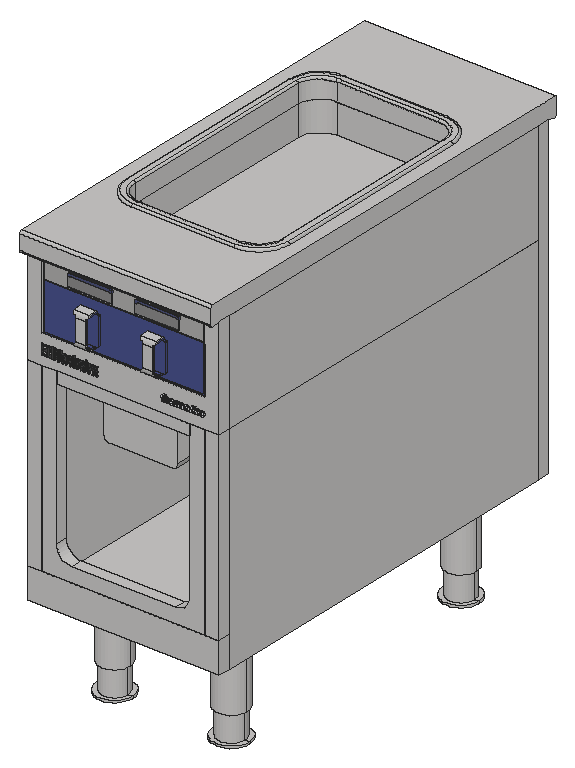
Revit family "QF_ELECTROLUXPROFESSIONAL_589818_MCAGEAD1DM", category Attrezzature speciali, Revit 2021
Family settings
  Quota connettore circolare = Usa diametro
  Tipo di parte = Normale
  Basato su piano di lavoro = No
  Sempre verticale = Sì
  Taglio con vuoti quando caricato = No
  Condiviso = No
  Punto di calcolo locali = No
Parameters (values of type "Standard")
  Weight = 75.00 kg
  Watts = 5000 W
  Volts = 440 V
  URL Manufacturer = "https://www.electroluxprofessional.com/"
  URL = "https://www.electroluxprofessional.com/"
  Steam Supply Size = 0"
  Steam Supply Minimum Pressure = 0.00 psi
  Steam Supply Maximum Pressure = 0.00 psi
  Steam Consumption per Hour = 0
  Refrigeration Suction Line Size = 0 mm
  Refrigeration Liquid Line Size = 0 mm
  Refrigerant Compressor Remote = yes
  Prospetto di default = 0 mm
  Phase = 3
  Modello = "MCAGEAD1DM"
  Produttore = "Electrolux Professional"
  Length Actual = 400 mm  # constant formula
  Item Number = "589818"
  Hot Water Size = 0"
  Height Actual = 700 mm  # constant formula
  HP = "6.7 HP"
  Gas Size = 0"
  Gas KW = 0
  Gas Input Pressure = 0.0 Btu/h
  Direct Waste Size = 0"
  Descrizione = "MULTIBRAIS.1/1GN,1S,H3-400X900X700 MAR"
  Depth Actual = 900 mm  # constant formula
  Cycle = 50 Hz
  Condensate Return Size = 0"
  Compressed Air Volume = 0 GPM
  Compressed Air Size = 0"
  Compressed Air Pressure = 0.00 psi
  Cold Water Size = 0"
  Accessory = yes
Reference planes
  plane 1 "BACK": y = 0
  plane 2: z = 0
  plane 3 "LEFT": x = 0
  plane 4 "RIGHT": x = 400
  plane 5 "FRONT": y = -900
  plane 6 "TOP": z = 900
  plane 7 "Center (Left/Right)": x = 200
  plane 8 "Center (Front/Back)": y = -425
  plane 9: y = -150
  plane 10: y = -65
  plane 11: y = -840
  plane 12 "EIY": y = -685
  plane 13: z = 938
  plane 14 "BaseTop": z = 650
  plane 15: y = -855
  plane 16 "Camino": y = -50
  plane 17 "EIx": x = 355
  plane 18: z = 1131
  plane 19 "PlaneRibbed": through (-6096, -65, 890) normal (0, -0.0251, 0.9997)
  plane 20 "Base": z = 200
  plane 21: x = 93.2
  plane 22: x = 237.2
Forms (mm)
  Extrusion 1, solid, material "QF_Finishes_Stainless Steel"
    sketch origin (-178.969, -4572, 100) x (-1, 0, 0) y (0, -1, 0)
      loop
        line (-178.969, -4527) -> (-178.969, -3717) -> (-578.969, -3717) -> (-578.969, -4527) -> (-178.969, -4527)
    from 550 to 762.969
  Extrusion 2, solid, material "QF_Finishes_Stainless Steel"
    sketch origin (200, 296.4, 1219.2) x (0, 1, 0) y (0, 0, 1)
      loop
        line (-296.4, -319.2) -> (-1191.4, -319.2)
        arc (-1191.4, -319.2) -> (-1194.935, -320.664) -> (-1196.4, -324.2) r 5
        line (-1196.4, -324.2) -> (-1196.4, -355.2)
        arc (-1196.4, -355.2) -> (-1194.971, -358.264) -> (-1191.705, -359.139) r 4
        line (-1191.705, -359.139) -> (-1176.4, -356.231) -> (-316.4, -356.231) -> (-301.094, -359.139)
        arc (-301.094, -359.139) -> (-297.829, -358.264) -> (-296.4, -355.2) r 4
        line (-296.4, -355.2) -> (-296.4, -319.2)
    from -200 to 200
  Extrusion 3, void
    sketch origin (0, -30, 900) x (-1, 0, 0) y (0, -1, 0)
      loop
        line (-47.98, 203.41) -> (-47.98, 629.429)
        arc (-47.98, 629.429) -> (-60.695, 660.777) -> (-91.655, 674.41) r 45
        line (-91.655, 674.41) -> (-324.5, 674.41)
        arc (-324.5, 674.41) -> (-347.127, 665.037) -> (-356.5, 642.41) r 32
        line (-356.5, 642.41) -> (-356.5, 190.41)
        arc (-356.5, 190.41) -> (-347.127, 167.782) -> (-324.5, 158.41) r 32
        line (-324.5, 158.41) -> (-92.98, 158.41)
        arc (-92.98, 158.41) -> (-61.16, 171.59) -> (-47.98, 203.41) r 45
    from 0 to -100
  Extrusion 4, solid, material "QF_Finishes_Stainless Steel"
    sketch origin (0, -50, 200) x (-1, 0, 0) y (0, -1, 0)
      loop
        circle (-355, 635) r 10.1
    from 0 to -10
  Extrusion 5, void
    sketch origin (48.053, 101.69, 900) x (-1, 0, 0) y (0, -1, 0)
      loop
        circle (-94.991, 746) r 14
    from -250 to 0
  Extrusion 6, solid, material "QF_Finishes_Stainless Steel"
    sketch origin (-161.672, -425, 0) x (-1, 0, 0) y (0, 0, 1)
      loop
        line (-264.372, 616.232) -> (-236.622, 616.232)
        arc (-236.622, 616.232) -> (-235.738, 615.866) -> (-235.372, 614.982) r 1.25
        line (-235.372, 614.982) -> (-235.372, 584.482)
        arc (-235.372, 584.482) -> (-235.738, 583.598) -> (-236.622, 583.232) r 1.25
        line (-236.622, 583.232) -> (-249.372, 583.232) -> (-249.372, 582.232) -> (-236.622, 582.232)
        arc (-236.622, 582.232) -> (-235.031, 582.891) -> (-234.372, 584.482) r 2.25
        line (-234.372, 584.482) -> (-234.372, 614.982)
        arc (-234.372, 614.982) -> (-235.031, 616.573) -> (-236.622, 617.232) r 2.25
        line (-236.622, 617.232) -> (-264.372, 617.232) -> (-264.372, 616.232)
      loop
        line (-389.372, 616.232) -> (-389.372, 617.232) -> (-417.122, 617.232)
        arc (-417.122, 617.232) -> (-418.713, 616.573) -> (-419.372, 614.982) r 2.25
        line (-419.372, 614.982) -> (-419.372, 584.482)
        arc (-419.372, 584.482) -> (-418.713, 582.891) -> (-417.122, 582.232) r 2.25
        line (-417.122, 582.232) -> (-404.372, 582.232) -> (-404.372, 583.232) -> (-417.122, 583.232)
        arc (-417.122, 583.232) -> (-418.006, 583.598) -> (-418.372, 584.482) r 1.25
        line (-418.372, 584.482) -> (-418.372, 614.982)
        arc (-418.372, 614.982) -> (-418.006, 615.866) -> (-417.122, 616.232) r 1.25
        line (-417.122, 616.232) -> (-389.372, 616.232)
    from -365 to 360
  Extrusion 7, solid, material "QF_Finishes_Stainless Steel"
    sketch origin (-161.672, -425, 0) x (-1, 0, 0) y (0, 0, 1)
      loop
        line (-249.872, 583.232) -> (-238.372, 583.232) -> (-238.372, 584.232) -> (-244.372, 590.232) -> (-409.872, 590.232) -> (-415.872, 584.232) -> (-415.872, 583.232) -> (-404.372, 583.232) -> (-404.372, 501.232)
        arc (-404.372, 501.232) -> (-401.15, 493.454) -> (-393.372, 490.232) r 11
        line (-393.372, 490.232) -> (-260.872, 490.232)
        arc (-260.872, 490.232) -> (-253.094, 493.454) -> (-249.872, 501.232) r 11
        line (-249.872, 501.232) -> (-249.872, 583.232)
    from -365 to 360
  Extrusion 8, void
    sketch origin (-161.672, -425, 0) x (-1, 0, 0) y (0, 0, 1)
      loop
        line (-254.872, 501.232) -> (-254.872, 590.232) -> (-398.872, 590.232) -> (-398.872, 506.232)
        arc (-398.872, 506.232) -> (-395.65, 498.454) -> (-387.872, 495.232) r 11
        line (-387.872, 495.232) -> (-260.872, 495.232)
        arc (-260.872, 495.232) -> (-256.629, 496.99) -> (-254.872, 501.232) r 6
    from -350 to 355
  Extrusion 9, solid, material "QF_Finishes_Stainless Steel"
    sketch origin (-273.58, -425, 0) x (-1, 0, 0) y (0, 0, 1)
      loop
        line (-613.58, 617.232) -> (-333.529, 617.232) -> (-333.529, 627) -> (-613.58, 627) -> (-613.58, 617.232)
    from -365 to -351.075
  Extrusion 10, solid, material "QF_Finishes_Stainless Steel"
    sketch origin (200, 296.4, 1219.2) x (0, 1, 0) y (0, 0, 1)
      loop
        line (-341.4, -1019.2) -> (-316.4, -1019.2) -> (-316.4, -356.231) -> (-341.4, -356.231) -> (-341.4, -1019.2)
    from -200 to 200
  Sweep 11, solid, material "QF_Finishes_Stainless Steel"
    path origin (0, 0, 900) x (-1, 0, 0) y (0, -1, 0)
      loop
        line (-47.98, 233.41) -> (-47.98, 659.429)
        arc (-47.98, 659.429) -> (-61.16, 691.249) -> (-92.98, 704.429) r 45
        line (-92.98, 704.429) -> (-307.02, 704.429)
        arc (-307.02, 704.429) -> (-338.84, 691.249) -> (-352.02, 659.429) r 45
        line (-352.02, 659.429) -> (-352.02, 233.41)
        arc (-352.02, 233.41) -> (-338.84, 201.59) -> (-307.02, 188.41) r 45
        line (-307.02, 188.41) -> (-92.98, 188.41)
        arc (-92.98, 188.41) -> (-61.16, 201.59) -> (-47.98, 233.41) r 45
    profile origin (47.98, -446.42, 900) x (1, 0, 0) y (0, 0, 1)
      loop
        arc (0, 0) -> (-1.172, 2.828) -> (-4, 4) r 4
        line (-4, 4) -> (-15, 4)
        arc (-15, 4) -> (-17.828, 2.828) -> (-19, 0) r 4
        line (-19, 0) -> (0, 0)
  Extrusion 12, void
    sketch origin (0, -30, 900) x (-1, 0, 0) y (0, -1, 0)
      loop
        line (-47.98, 203.41) -> (-47.98, 629.429)
        arc (-47.98, 629.429) -> (-60.695, 660.777) -> (-91.655, 674.41) r 45
        line (-91.655, 674.41) -> (-324.5, 674.41)
        arc (-324.5, 674.41) -> (-347.127, 665.037) -> (-356.5, 642.41) r 32
        line (-356.5, 642.41) -> (-356.5, 190.41)
        arc (-356.5, 190.41) -> (-347.127, 167.782) -> (-324.5, 158.41) r 32
        line (-324.5, 158.41) -> (-92.98, 158.41)
        arc (-92.98, 158.41) -> (-61.16, 171.59) -> (-47.98, 203.41) r 45
    from 0 to -100
Cuts and joins
  Extrusion 3, Extrusion 5, Extrusion 12 cuts Extrusion 2
  Extrusion 8 cuts Extrusion 7
  Extrusion 5, Extrusion 12 cuts Extrusion 1
Lines and regions (mm)
  symbolic lines
    curve 1: line (0, 0, 100) -> (400, 0, 100)
    curve 2: line (0, -900, 100) -> (0, 0, 100)
    curve 3: line (400, -900, 100) -> (0, -900, 100)
    curve 4: line (400, 0, 100) -> (400, -900, 100)
    curve 5: arc (92.98, -188.41, 900) -> (61.16, -201.59, 900) -> (47.98, -233.41, 900) r 45
    curve 6: line (307.02, -188.41, 900) -> (92.98, -188.41, 900)
    curve 7: line (307.02, -169.41, 900) -> (92.98, -169.41, 900)
    curve 8: arc (307.02, -188.41, 900) -> (338.84, -201.59, 900) -> (352.02, -233.41, 900) r 45
    curve 9: arc (371.02, -233.41, 900) -> (352.275, -188.155, 900) -> (307.02, -169.41, 900) r 64
    curve 10: arc (307.02, -723.429, 900) -> (352.275, -704.684, 900) -> (371.02, -659.429, 900) r 64
    curve 11: arc (352.02, -659.429, 900) -> (339.305, -690.777, 900) -> (308.345, -704.41, 900) r 45
    curve 12: arc (28.98, -659.429, 900) -> (47.725, -704.684, 900) -> (92.98, -723.429, 900) r 64
    curve 13: arc (47.98, -659.429, 900) -> (60.695, -690.777, 900) -> (91.655, -704.41, 900) r 45
    curve 14: line (91.655, -704.41, 900) -> (308.345, -704.41, 900)
    curve 15: line (92.98, -723.429, 900) -> (307.02, -723.429, 900)
    curve 16: line (47.98, -233.41, 900) -> (47.98, -659.429, 900)
    curve 17: line (28.98, -233.41, 900) -> (28.98, -659.429, 900)
    curve 18: line (371.02, -659.429, 900) -> (371.02, -233.41, 900)
    curve 19: line (352.02, -233.41, 900) -> (352.02, -659.429, 900)
    curve 20: circle (143.044, -644.31, 900) r 14 normal (0, 0, 1)
    curve 21: arc (92.98, -169.41, 900) -> (47.725, -188.155, 900) -> (28.98, -233.41, 900) r 64
Dimensions and locks
  plane 3 "LEFT" to plane 4 "RIGHT" = 400 mm
  plane 5 "FRONT" to plane 1 "BACK" = 900 mm
  plane 3 "LEFT" to plane 7 "Center (Left/Right)" to plane 4 "RIGHT" = 200 mm, 200 mm
  plane 5 "FRONT" to plane 8 "Center (Front/Back)" to plane 1 "BACK" = 475 mm, 425 mm
  plane 6 "TOP" to level = 900 mm  (x2)
  plane 1 "BACK" to plane 9 = 150 mm
  plane 12 "EIY" to plane 1 "BACK" = 685 mm
  plane 13 to plane 6 "TOP" = 38 mm
  plane 10 to plane 1 "BACK" = 65 mm
  plane 5 "FRONT" to plane 11 = 60 mm
  locked: plane 6 "TOP" to plane 14 "BaseTop" at 250
  locked: plane 15 to plane 5 "FRONT" at 45
  plane 16 "Camino" to plane 1 "BACK" = 50 mm
  plane 17 "EIx" to plane 4 "RIGHT" = 45 mm
  plane 18 to plane 6 "TOP" = 231 mm
  plane 20 "Base" to level = 200 mm
  aligned and locked: level to plane 2
  aligned and locked: cut or joined group of Extrusion 2, Extrusion 3, Extrusion 5, Extrusion 12 to plane 4 "RIGHT"
  aligned and locked: nested 1 to plane 15
  aligned and locked: Extrusion 1 to plane 15
  aligned and locked: plane 3 "LEFT" to nested 1
  aligned and locked: Extrusion 1 to nested 2
  aligned and locked: Extrusion 10 to plane 3 "LEFT"
  aligned and locked: Extrusion 10 to plane 4 "RIGHT"
  aligned and locked: cut or joined group of Extrusion 1, Extrusion 5, Extrusion 12 to plane 4 "RIGHT"
  aligned and locked: nested 3 to plane 9
  aligned and locked: nested 4 to plane 9
Nested families
  nested 1: "Front_Panel_W400_2 Knobs" at (102.376, -855, 0), type "Front_Panel_W400_2 Knobs"
  nested 2: "QF_ELECTROLUXPROFESSIONAL_589818_BASE" at (0, 0, 0), type "QF_ELECTROLUXPROFESSIONAL_589818_BASE"
    with Type Mark "", Specification by User "", Revision Code "", Item Number "", Installed By "", Identify Quantity as Lot yes, Furnished By "", Foodservice Equipment Identifier yes
  nested 3: "FEET200_MARINE" at (78, -150, 0), type "FEET200_MARINE"
  nested 4: "FEET200_MARINE" at (322, -150, 0), type "FEET200_MARINE"
  nested 5: "FEET200_MARINE" at (78, -750, 0), type "FEET200_MARINE"
  nested 6: "FEET200_MARINE" at (322, -750, 0), type "FEET200_MARINE"
Connectors
  electrical at (355, -685, 190), driven by "Volts"
    settings: on Extrusion 4, index 1, voltage 440 V, apparent load 0 VA, apparent load phase1 0 VA, apparent load phase2 0 VA, apparent load phase3 0 VA, power factor 1, load classification "Other", number of poles 1, system type 30, power factor state 1, is connector primary yes, connector utility no, sub classification motor no, connector description "Electrical Connection"
Definition of nested family "Front_Panel_W400_2 Knobs"
  Parameters
    Width = 400 mm
    Default Elevation = 0 mm
  Reference planes
    plane 1 "Center (Front/Back)": y = 0
    plane 2: z = 0
    plane 3 "Center (Left/Right)": x = 97.624
    plane 4 "Left": x = -102.376
    plane 5 "Right": x = 297.624
    plane 6: y = -45
    plane 7: y = -25
    plane 8: x = 267.624
    plane 9: x = -72.376
  Forms (mm)
    Extrusion 1, solid
      sketch origin (833.217, 829.203, -1.25) x (0, 1, 0) y (0, 0, 1)
        loop
          line (-854.203, 651.25) -> (-829.203, 651.25) -> (-829.203, 864.25) -> (-854.203, 864.25) -> (-854.203, 651.25)
      from -935.593 to -535.593
    Extrusion 2, void
      sketch origin (0, 0, 0) x (1, 0, 0) y (0, 0, 1)
        loop
          line (-72.376, 853.866) -> (-72.376, 711.866) -> (267.624, 711.866) -> (267.624, 853.866) -> (-72.376, 853.866)
      from 19.387 to 33.951
  Cuts and joins
    Extrusion 2 cuts Extrusion 1
  Dimensions and locks
    equal spacing: plane 5 "Right", plane 3 "Center (Left/Right)", plane 4 "Left"
    "Width": plane 5 "Right" to plane 4 "Left"
    aligned and locked: cut or joined group of Extrusion 1, Extrusion 2 to plane 4 "Left"
    aligned and locked: plane 5 "Right" to cut or joined group of Extrusion 1, Extrusion 2
    aligned and locked: plane 9 to nested 1
    aligned and locked: plane 8 to nested 1
    aligned and locked: nested 4 to plane 9
    aligned and locked: cut or joined group of Extrusion 1, Extrusion 2 to plane 9
    aligned and locked: plane 8 to cut or joined group of Extrusion 1, Extrusion 2
  Automatic sketch dimensions
    level to Extrusion 2 sketch curve = 711.866 mm
    Extrusion 2 sketch curve to Extrusion 2 sketch curve = 142 mm
    Extrusion 1 sketch curve to plane 7 = 0 mm
    Extrusion 1 sketch curve to plane 1 "Center (Front/Back)" = 0 mm
    level to Extrusion 1 sketch curve = 650 mm
    Extrusion 1 sketch curve to Extrusion 1 sketch curve = 213 mm
    Extrusion 2 sketch curve to plane 5 "Right" = 30 mm
    Extrusion 2 sketch curve to plane 3 "Center (Left/Right)" = 170 mm
  Nested families
    nested 1: "Front glass control panel W340_2 Knobs" at (97.624, 280.644, 2.752), type "Front glass control panel W340_2 Knobs"
    nested 2: "Range Control Handle" at (27.624, -28.137, -209.113) x (-1, 0, 0) z (0, 0, 1), type "Range Control Handle"
    nested 3: "ELX_ThermaLine_Small" at (219.031, -25, 679.426) x (1, 0, 0) z (0, -1, 0), type "ELX_ThermaLine_Small"
      with Show Logo yes, Material_Logo none
    nested 4: "ELX_Professional_Logo_Small" at (-12.89, -25, 681.659) x (1, 0, 0) z (0, -1, 0), type "ELX_Professional_Logo_Small"
      with Show Logo yes, Material_Logo none
    nested 5: "Range Control Handle" at (167.624, -28.137, -209.113) x (-1, 0, 0) z (0, 0, 1), type "Range Control Handle"
  Definition of nested family "Front glass control panel W340_2 Knobs"
    Parameters
      Default Elevation = 0 mm
    Reference planes
      plane 1 "Center (Front/Back)": y = 0
      plane 2: z = 0
      plane 3 "Center (Left/Right)": x = 0
    Forms (mm)
      Extrusion 1, solid
        sketch origin (378.286, 0, 0.617) x (1, 0, 0) y (0, 0, 1)
          loop
            line (-548.286, 806.791) -> (-548.286, 708.497) -> (-208.286, 708.497) -> (-208.286, 806.791) -> (-548.286, 806.791)
        from 300.031 to 304.8
      Extrusion 2, solid
        sketch origin (378.286, 0, 0.617) x (1, 0, 0) y (0, 0, 1)
          loop
            line (-548.286, 850.497) -> (-548.286, 806.791) -> (-208.286, 806.791) -> (-208.286, 850.497) -> (-548.286, 850.497)
        from 300.031 to 304.8
      Extrusion 3, void
        sketch origin (378.286, 0, 0.617) x (1, 0, 0) y (0, 0, 1)
          loop
            line (-545.628, 847.565) -> (-545.628, 710.699) -> (-211.196, 710.699) -> (-211.196, 847.565) -> (-545.628, 847.565)
        from 303.697 to 304.8
      Extrusion 4, solid
        sketch origin (238.309, 1.101, -0.633) x (1, 0, 0) y (0, 0, 1)
          loop
            line (-261.431, 812.62) -> (-261.431, 834.177) -> (-266.24, 834.177) -> (-268.039, 835.977) -> (-348.469, 835.977) -> (-350.269, 834.177) -> (-355.186, 834.177) -> (-355.186, 812.62) -> (-261.431, 812.62)
        from 304.798 to 306.745
      Extrusion 5, solid
        sketch origin (238.309, 1.101, -0.633) x (1, 0, 0) y (0, 0, 1)
          loop
            line (-350.269, 834.177) -> (-348.469, 835.977) -> (-268.039, 835.977) -> (-266.24, 834.177) -> (-261.529, 834.177)
            arc (-261.529, 834.177) -> (-262.706, 838.752) -> (-266.98, 840.763) r 5.549
            line (-266.98, 840.763) -> (-349.686, 840.763)
            arc (-349.686, 840.763) -> (-353.942, 838.747) -> (-355.078, 834.177) r 5.5
            line (-355.078, 834.177) -> (-350.269, 834.177)
        from 304.798 to 306.745
      Extrusion 6, solid
        sketch origin (378.309, 1.101, -0.633) x (1, 0, 0) y (0, 0, 1)
          loop
            line (-261.431, 812.62) -> (-261.431, 834.177) -> (-266.24, 834.177) -> (-268.039, 835.977) -> (-348.469, 835.977) -> (-350.269, 834.177) -> (-355.186, 834.177) -> (-355.186, 812.62) -> (-261.431, 812.62)
        from 304.798 to 306.745
      Extrusion 7, solid
        sketch origin (378.309, 1.101, -0.633) x (1, 0, 0) y (0, 0, 1)
          loop
            line (-350.269, 834.177) -> (-348.469, 835.977) -> (-268.039, 835.977) -> (-266.24, 834.177) -> (-261.529, 834.177)
            arc (-261.529, 834.177) -> (-262.706, 838.752) -> (-266.98, 840.763) r 5.549
            line (-266.98, 840.763) -> (-349.686, 840.763)
            arc (-349.686, 840.763) -> (-353.942, 838.747) -> (-355.078, 834.177) r 5.5
            line (-355.078, 834.177) -> (-350.269, 834.177)
        from 304.798 to 306.745
    Cuts and joins
      Extrusion 3 cuts Extrusion 1
      Extrusion 3 cuts Extrusion 2
    Dimensions and locks
      equal spacing: cut or joined group of Extrusion 2, Extrusion 3, plane 3 "Center (Left/Right)", cut or joined group of Extrusion 2, Extrusion 3
      cut or joined group of Extrusion 2, Extrusion 3 to cut or joined group of Extrusion 2, Extrusion 3 = 340 mm
      aligned and locked: Extrusion 1 to Extrusion 2
      aligned and locked: Extrusion 5 to Extrusion 4
      aligned and locked: Extrusion 7 to Extrusion 6
    Automatic sketch dimensions
      Extrusion 1 sketch curve to plane 3 "Center (Left/Right)" = 170 mm
      plane 3 "Center (Left/Right)" to Extrusion 1 sketch curve = 170 mm
      level to Extrusion 1 sketch curve = 709.114 mm
      Extrusion 1 sketch curve to Extrusion 1 sketch curve = 98.294 mm
      Extrusion 2 sketch curve to plane 3 "Center (Left/Right)" = 170 mm
      plane 3 "Center (Left/Right)" to Extrusion 2 sketch curve = 170 mm
      level to Extrusion 2 sketch curve = 807.408 mm
      Extrusion 2 sketch curve to Extrusion 2 sketch curve = 43.706 mm
      Extrusion 3 sketch curve to plane 3 "Center (Left/Right)" = 167.342 mm
      plane 3 "Center (Left/Right)" to Extrusion 3 sketch curve = 167.091 mm
      level to Extrusion 3 sketch curve = 711.316 mm
      Extrusion 3 sketch curve to Extrusion 3 sketch curve = 136.866 mm
      Extrusion 4 sketch curve to plane 3 "Center (Left/Right)" = 116.877 mm
      Extrusion 4 sketch curve to Extrusion 4 sketch curve = 4.917 mm
      Extrusion 4 sketch curve to Extrusion 4 sketch curve = 1.8 mm  (x3)
      Extrusion 4 sketch curve to plane 3 "Center (Left/Right)" = 29.731 mm
      Extrusion 4 sketch curve to Extrusion 4 sketch curve = 4.809 mm
      level to Extrusion 4 sketch curve = 811.987 mm
      Extrusion 4 sketch curve to Extrusion 4 sketch curve = 21.557 mm  (x2)
      Extrusion 5 sketch curve to plane 3 "Center (Left/Right)" = 116.769 mm
      Extrusion 5 sketch curve to Extrusion 5 sketch curve = 4.809 mm
      Extrusion 5 sketch curve to Extrusion 5 sketch curve = 0.583 mm
      Extrusion 5 sketch curve to Extrusion 5 sketch curve = 1.217 mm
      Extrusion 5 sketch curve to plane 3 "Center (Left/Right)" = 29.731 mm
      Extrusion 5 sketch curve to Extrusion 5 sketch curve = 1.059 mm
      Extrusion 5 sketch curve to Extrusion 5 sketch curve = 0.741 mm
      Extrusion 5 sketch curve to Extrusion 5 sketch curve = 4.711 mm
      level to Extrusion 5 sketch curve = 833.543 mm
      Extrusion 5 sketch curve to Extrusion 5 sketch curve = 0 mm
      Extrusion 5 sketch curve to Extrusion 5 sketch curve = 1.037 mm
      Extrusion 5 sketch curve to Extrusion 5 sketch curve = 0.714 mm
      plane 3 "Center (Left/Right)" to Extrusion 6 sketch curve = 23.123 mm
      Extrusion 6 sketch curve to Extrusion 6 sketch curve = 4.917 mm
      Extrusion 6 sketch curve to Extrusion 6 sketch curve = 1.8 mm  (x3)
      Extrusion 6 sketch curve to Extrusion 6 sketch curve = 80.43 mm
      Extrusion 6 sketch curve to Extrusion 6 sketch curve = 4.809 mm
      level to Extrusion 6 sketch curve = 811.987 mm
      Extrusion 6 sketch curve to Extrusion 6 sketch curve = 21.557 mm  (x2)
      plane 3 "Center (Left/Right)" to Extrusion 7 sketch curve = 23.231 mm
      Extrusion 7 sketch curve to Extrusion 7 sketch curve = 4.809 mm
      Extrusion 7 sketch curve to Extrusion 7 sketch curve = 0.583 mm
      Extrusion 7 sketch curve to Extrusion 7 sketch curve = 1.217 mm
      Extrusion 7 sketch curve to Extrusion 7 sketch curve = 80.43 mm
      Extrusion 7 sketch curve to Extrusion 7 sketch curve = 1.059 mm
      Extrusion 7 sketch curve to Extrusion 7 sketch curve = 0.741 mm
      Extrusion 7 sketch curve to Extrusion 7 sketch curve = 4.711 mm
      level to Extrusion 7 sketch curve = 833.543 mm
      Extrusion 7 sketch curve to Extrusion 7 sketch curve = 0 mm
      Extrusion 7 sketch curve to Extrusion 7 sketch curve = 1.037 mm
      Extrusion 7 sketch curve to Extrusion 7 sketch curve = 0.714 mm
  Definition of nested family "Range Control Handle"
    Parameters
      Default Elevation = 0 mm
    Reference planes
      plane 1 "Center (Front/Back)": y = 0
      plane 2: z = 0
      plane 3 "Center (Left/Right)": x = 0
      plane 4: z = 971.092
      plane 5: y = -16.9
    Forms (mm)
      Extrusion 1, solid
        sketch origin (-746.28, 380.497, 208.931) x (-1, 0, 0) y (0, 0, 1)
          loop
            line (-770.101, 786.798) -> (-770.101, 731.649)
            arc (-770.101, 731.649) -> (-769.759, 730.563) -> (-768.855, 729.87) r 1.893
            line (-768.855, 729.87) -> (-763.474, 727.911) -> (-729.81, 727.911) -> (-724.428, 729.87)
            arc (-724.428, 729.87) -> (-723.525, 730.563) -> (-723.183, 731.649) r 1.893
            line (-723.183, 731.649) -> (-723.183, 786.798)
            arc (-723.183, 786.798) -> (-723.529, 787.894) -> (-724.44, 788.593) r 1.91
            line (-724.44, 788.593) -> (-729.683, 790.819) -> (-763.601, 790.819) -> (-768.844, 788.593)
            arc (-768.844, 788.593) -> (-769.755, 787.894) -> (-770.101, 786.798) r 1.91
        from -382.35 to -378.852
      Sweep 2, solid
        path origin (-746.788, 380.496, 208.091) x (0, -1, 0) y (0, 0, 1)
          loop
            line (379.775, 793.281) -> (395.661, 791.048)
            arc (395.661, 791.048) -> (397.781, 787.377) -> (398.517, 783.202) r 12.207
            line (398.517, 783.202) -> (398.517, 737.368)
            arc (398.517, 737.368) -> (397.781, 733.193) -> (395.661, 729.522) r 12.207
            line (395.661, 729.522) -> (379.775, 727.289)
        profile origin (-746.788, -7.222, 1000.256) x (0, -0.139173, 0.990268) y (-1, 0, 0)
          loop
            line (0.782, -763.123) -> (0.782, -730.907) -> (-1.322, -730.907) -> (-1.322, -763.123) -> (0.782, -763.123)
      Sweep 3, solid
        path origin (-746.788, 380.715, 207.832) x (0, -1, 0) y (0, 0, 1)
          loop
            line (380.478, 795.442) -> (397.218, 793.09)
            arc (397.218, 793.09) -> (399.929, 788.473) -> (400.871, 783.202) r 15.207
            line (400.871, 783.202) -> (400.871, 737.584)
            arc (400.871, 737.584) -> (399.914, 732.274) -> (397.164, 727.633) r 15.207
            line (397.164, 727.633) -> (380.601, 725.305)
        profile origin (-746.788, -8.132, 1002.099) x (0, -0.139173, 0.990268) y (-1, 0, 0)
          loop
            line (0.782, -763.123) -> (0.782, -730.907) -> (-1.322, -730.907) -> (-1.322, -763.123) -> (0.782, -763.123)
      Extrusion 4, void
        sketch origin (889.253, 220.666, 207.993) x (1, 0, 0) y (0, 0, 1)
          loop
            line (-943.038, 816.854) -> (-943.038, 703.686) -> (-899.466, 734.196) -> (-899.466, 786.344) -> (-943.038, 816.854)
        from 230.636 to 242.25
      Extrusion 5, void
        sketch origin (-888.8, 220.666, 207.993) x (-1, 0, 0) y (0, 0, -1)
          loop
            line (-943.038, -816.854) -> (-899.466, -786.344) -> (-899.466, -734.196) -> (-943.038, -703.686) -> (-943.038, -816.854)
        from 230.636 to 242.25
      Extrusion 6, solid
        sketch origin (0, 0, 0) x (1, 0, 0) y (0, 0, 1)
          loop
            circle (0, 971.092) r 7.736
        from -3.137 to -1.645
    Cuts and joins
      Extrusion 4, Extrusion 5 cuts Sweep 3
      Extrusion 4, Extrusion 5 cuts Sweep 2
      joined: Extrusion 1, Extrusion 6
    Lines and regions (mm)
      symbolic lines
        curve 1: line (16.334, -16.9, 0) -> (16.334, -19.227, 0)
        curve 2: spline (16.334, -19.227, 0) -> (15.87, -19.385, 0) -> (15.404, -19.536, 0) -> (14.936, -19.678, 0) -> (14.466, -19.813, 0) -> (13.995, -19.94, 0) -> (13.523, -20.059, 0) -> (13.049, -20.171, 0) -> (12.575, -20.274, 0) -> (12.099, -20.37, 0) -> (11.622, -20.458, 0) -> (11.144, -20.537, 0) -> (10.666, -20.609, 0)
        curve 3: line (10.666, -16.9, 0) -> (10.666, -20.938, 0)
        curve 4: line (-10.213, -20.938, 0) -> (10.666, -20.938, 0)
        curve 5: line (-10.213, -20.938, 0) -> (-10.213, -16.9, 0)
        curve 6: spline (-10.213, -20.609, 0) -> (-10.691, -20.537, 0) -> (-11.169, -20.458, 0) -> (-11.646, -20.37, 0) -> (-12.122, -20.274, 0) -> (-12.597, -20.171, 0) -> (-13.07, -20.059, 0) -> (-13.542, -19.94, 0) -> (-14.013, -19.813, 0) -> (-14.483, -19.678, 0) -> (-14.951, -19.536, 0) -> (-15.417, -19.385, 0) -> (-15.881, -19.227, 0)
        curve 7: line (-15.881, -19.227, 0) -> (-15.881, -16.9, 0)
  Definition of nested family "ELX_ThermaLine_Small"
    Parameters
      Show Logo [instance] = yes
      Material_Logo [instance] = none
      Default Elevation = 0 mm
    Reference planes
      plane 1 "Centro (Fronte/Retro)": y = 0
      plane 2: z = 0
      plane 3 "Centro (Sinistra/Destra)": x = 0
    Forms (mm)
      Extrusion 1, solid
        sketch origin (0, 0, 0) x (1, 0, 0) y (0, 1, 0)
          loop
            line (-1219.2, 1219.2) -> (-1219.2, -1219.2) -> (1219.2, -1219.2) -> (1219.2, 1219.2) -> (-1219.2, 1219.2)
        from 0 to -304.8
      Extrusion 2, solid
        sketch origin (0, 0, 0) x (1, 0, 0) y (0, 1, 0)
          loop
            line (-37.494, 1.229) -> (-35.908, 1.229) -> (-35.908, 3.066) -> (-37.494, 3.066) -> (-37.494, 6.221) -> (-39.867, 4.881) -> (-39.867, 3.066) -> (-40.969, 3.066) -> (-40.969, 1.229) -> (-39.867, 1.229) -> (-39.867, -3.407)
            arc (-39.867, -3.407) -> (-38.982, -5.513) -> (-36.751, -6.001) r 2.478
            line (-36.751, -6.001) -> (-35.638, -5.7) -> (-35.9, -3.835) -> (-36.661, -4.039)
            arc (-36.661, -4.039) -> (-37.236, -3.924) -> (-37.494, -3.399) r 0.662
            line (-37.494, -3.399) -> (-37.494, 1.229)
          loop
            line (-34.242, 6.539) -> (-34.242, -5.848) -> (-31.854, -5.848) -> (-31.854, -0.078)
            arc (-31.854, -0.078) -> (-30.939, 1.249) -> (-29.33, 1.367) r 1.866
            arc (-29.33, 1.367) -> (-28.695, 0.768) -> (-28.461, -0.073) r 1.627
            line (-28.461, -0.073) -> (-28.461, -5.848) -> (-26.086, -5.848) -> (-26.064, -0.46)
            arc (-26.064, -0.46) -> (-26.261, 0.932) -> (-26.786, 2.237) r 5.825
            arc (-26.786, 2.237) -> (-29.381, 3.264) -> (-31.854, 1.971) r 3.353
            line (-31.854, 1.971) -> (-31.854, 6.539) -> (-34.242, 6.539)
          loop
            arc (-18.398, -0.598) -> (-18.893, 0.879) -> (-20.326, 1.487) r 1.897
            arc (-20.326, 1.487) -> (-21.461, 0.708) -> (-21.897, -0.598) r 2.164
            line (-21.897, -0.598) -> (-18.398, -0.598)
          loop
            arc (-16.021, -2.044) -> (-16.754, 1.227) -> (-19.444, 3.226) r 4.814
            arc (-19.444, 3.226) -> (-22.137, 2.788) -> (-23.943, 0.743) r 4.054
            arc (-23.943, 0.743) -> (-24.382, -1.249) -> (-24.162, -3.276) r 6.289
            arc (-24.162, -3.276) -> (-23.302, -4.71) -> (-21.958, -5.705) r 4.28
            arc (-21.958, -5.705) -> (-18.558, -5.814) -> (-16.152, -3.409) r 4.28
            line (-16.152, -3.409) -> (-18.5, -2.995)
            arc (-18.5, -2.995) -> (-19.273, -3.994) -> (-20.533, -4.076) r 1.536
            arc (-20.533, -4.076) -> (-21.56, -3.281) -> (-21.958, -2.044) r 2.197
            line (-21.958, -2.044) -> (-16.021, -2.044)
          loop
            line (-14.165, -5.848) -> (-11.819, -5.848) -> (-11.819, -2.138)
            arc (-11.819, -2.138) -> (-11.787, -1.156) -> (-11.637, -0.185) r 8.18
            arc (-11.637, -0.185) -> (-10.644, 0.972) -> (-9.132, 0.776) r 1.603
            line (-9.132, 0.776) -> (-8.419, 2.846)
            arc (-8.419, 2.846) -> (-10.432, 3.118) -> (-11.994, 1.821) r 2.527
            line (-11.994, 1.821) -> (-11.994, 3.094) -> (-14.165, 3.094) -> (-14.165, -5.848)
          loop
            line (-7.579, 3.094) -> (-7.579, -5.848) -> (-5.178, -5.848) -> (-5.178, -0.756)
            arc (-5.178, -0.756) -> (-4.727, 0.679) -> (-3.417, 1.419) r 2.05
            arc (-3.417, 1.419) -> (-2.499, 0.908) -> (-2.155, -0.085) r 1.471
            line (-2.155, -0.085) -> (-2.155, -5.848) -> (0.23, -5.848) -> (0.23, -1.001)
            arc (0.23, -1.001) -> (0.47, 0.127) -> (1.148, 1.061) r 2.775
            arc (1.148, 1.061) -> (2.225, 1.329) -> (3.05, 0.587) r 1.182
            arc (3.05, 0.587) -> (3.199, -0.019) -> (3.214, -0.642) r 2.894
            line (3.214, -0.642) -> (3.214, -5.848) -> (5.601, -5.848) -> (5.601, 0.261)
            arc (5.601, 0.261) -> (4.87, 2.263) -> (2.976, 3.241) r 2.932
            arc (2.976, 3.241) -> (1.284, 2.973) -> (-0.047, 1.896) r 3.309
            arc (-0.047, 1.896) -> (-1.116, 2.865) -> (-2.506, 3.258) r 3.16
            arc (-2.506, 3.258) -> (-4.105, 2.942) -> (-5.376, 1.92) r 3.419
            line (-5.376, 1.92) -> (-5.376, 3.094) -> (-7.579, 3.094)
          loop
            line (7.583, 0.738) -> (9.702, 0.364)
            arc (9.702, 0.364) -> (11.441, 1.492) -> (12.855, -0.023) r 1.613
            line (12.855, -0.023) -> (9.782, -0.789)
            arc (9.782, -0.789) -> (8.559, -1.346) -> (7.617, -2.305) r 3.687
            arc (7.617, -2.305) -> (7.499, -3.681) -> (7.901, -5.003) r 3.651
            arc (7.901, -5.003) -> (9.107, -5.766) -> (10.515, -6.006) r 3.635
            arc (10.515, -6.006) -> (11.898, -5.697) -> (13.067, -4.895) r 3.734
            line (13.067, -4.895) -> (13.376, -5.848) -> (15.75, -5.848) -> (15.212, -4.193) -> (15.212, 0.38)
            arc (15.212, 0.38) -> (14.897, 1.849) -> (13.818, 2.895) r 2.585
            arc (13.818, 2.895) -> (11.792, 3.442) -> (9.719, 3.11) r 5.005
            arc (9.719, 3.11) -> (8.369, 2.178) -> (7.583, 0.738) r 3.54
          loop
            line (19.723, -5.848) -> (22.233, -5.848) -> (24.854, 6.484) -> (22.345, 6.484) -> (19.723, -5.848)
          loop
            line (24.583, -5.848) -> (26.953, -5.848) -> (28.848, 3.066) -> (26.478, 3.066) -> (24.583, -5.848)
          loop
            line (27.204, 6.484) -> (26.741, 4.305) -> (29.111, 4.305) -> (29.575, 6.484) -> (27.204, 6.484)
          loop
            line (29.355, -5.848) -> (31.849, -5.848) -> (33.098, 0.028)
            arc (33.098, 0.028) -> (34.169, 1.306) -> (35.832, 1.422) r 2.132
            arc (35.832, 1.422) -> (36.324, 0.752) -> (36.383, -0.078) r 1.5
            line (36.383, -0.078) -> (35.157, -5.848) -> (37.536, -5.848) -> (38.936, 0.738)
            arc (38.936, 0.738) -> (38.775, 2.091) -> (37.825, 3.066) r 2.118
            arc (37.825, 3.066) -> (35.392, 3.175) -> (33.295, 1.937) r 4.271
            line (33.295, 1.937) -> (33.535, 3.066) -> (31.25, 3.066) -> (29.355, -5.848)
          loop
            line (42.792, -0.64) -> (46.589, -0.64)
            arc (46.589, -0.64) -> (46.639, 0.124) -> (46.327, 0.823) r 1.589
            arc (46.327, 0.823) -> (45.117, 1.521) -> (43.762, 1.183) r 1.865
            arc (43.762, 1.183) -> (43.141, 0.344) -> (42.792, -0.64) r 3.538
          loop
            line (42.565, -2.138) -> (48.593, -2.138)
            arc (48.593, -2.138) -> (48.58, 0.597) -> (46.983, 2.818) r 4.494
            arc (46.983, 2.818) -> (44.191, 3.28) -> (41.725, 1.891) r 4.26
            arc (41.725, 1.891) -> (40.503, -0.3) -> (40.284, -2.799) r 6.003
            arc (40.284, -2.799) -> (40.959, -4.468) -> (42.377, -5.576) r 3.482
            arc (42.377, -5.576) -> (44.265, -5.961) -> (46.152, -5.576) r 4.823
            arc (46.152, -5.576) -> (47.432, -4.731) -> (48.328, -3.485) r 4.245
            line (48.328, -3.485) -> (46.168, -3.105)
            arc (46.168, -3.105) -> (45.214, -4.072) -> (43.859, -4.181) r 1.953
            arc (43.859, -4.181) -> (42.821, -3.408) -> (42.565, -2.138) r 1.81
          loop
            line (12.868, -1.553) -> (10.216, -2.214)
            arc (10.216, -2.214) -> (9.747, -3.136) -> (10.216, -4.058) r 1.14
            arc (10.216, -4.058) -> (11.537, -4.249) -> (12.614, -3.46) r 1.763
            arc (12.614, -3.46) -> (12.858, -2.522) -> (12.868, -1.553) r 3.97
        from 0 to 1.6
    Dimensions and locks
      aligned and locked: plane 2 to Extrusion 1
      aligned and locked: level to Extrusion 1
  Definition of nested family "ELX_Professional_Logo_Small"
    Parameters
      Show Logo [instance] = yes
      Material_Logo [instance] = none
      Default Elevation = 0 mm
    Reference planes
      plane 1 "Centro (Fronte/Retro)": y = 0
      plane 2: z = 0
      plane 3 "Centro (Sinistra/Destra)": x = 0
    Forms (mm)
      Extrusion 1, solid
        sketch origin (0, 0, 0) x (1, 0, 0) y (0, 1, 0)
          loop
            line (-1219.2, 1219.2) -> (-1219.2, -1219.2) -> (1219.2, -1219.2) -> (1219.2, 1219.2) -> (-1219.2, 1219.2)
        from 0 to -304.8
      Extrusion 2, solid, material <- "Material_Logo"
        sketch origin (15.5, 0, 0) x (1, 0, 0) y (0, 1, 0)
          loop
            spline (-42.99, -1.24) -> (-43.195, -1.231) -> (-43.415, -1.203) -> (-43.642, -1.152) -> (-43.87, -1.074) -> (-44.095, -0.966) -> (-44.309, -0.825) -> (-44.506, -0.647) -> (-44.681, -0.429) -> (-44.828, -0.167) -> (-44.94, 0.142) -> (-45.011, 0.501) -> (-45.037, 0.915)
            line (-45.037, 0.915) -> (-45.037, 2.748) -> (-38.984, 2.748) -> (-38.984, 5.086) -> (-45.038, 5.086) -> (-45.038, 8.489) -> (-38.599, 8.489) -> (-38.599, 10.82) -> (-47.515, 10.82) -> (-47.515, 1.021)
            spline (-47.515, 1.021) -> (-47.493, 0.418) -> (-47.425, -0.15) -> (-47.311, -0.682) -> (-47.15, -1.175) -> (-46.939, -1.628) -> (-46.678, -2.038) -> (-46.365, -2.404) -> (-46, -2.723) -> (-45.58, -2.995) -> (-45.105, -3.216) -> (-44.573, -3.385) -> (-43.983, -3.499)
            line (-43.983, -3.499) -> (-43.01, -3.569) -> (-38.426, -3.569) -> (-38.426, -1.24) -> (-42.99, -1.24)
          loop
            line (-36.666, 4.021) -> (-36.666, -3.573) -> (-34.188, -3.573) -> (-34.188, 10.824) -> (-36.666, 10.824) -> (-36.666, 4.021)
          loop
            spline (-21.915, 1.897) -> (-21.957, 2.615) -> (-22.082, 3.303) -> (-22.285, 3.955) -> (-22.563, 4.564) -> (-22.913, 5.124) -> (-23.331, 5.629) -> (-23.814, 6.074) -> (-24.359, 6.451) -> (-24.961, 6.755) -> (-25.618, 6.98) -> (-26.326, 7.119) -> (-27.081, 7.167)
            spline (-27.081, 7.167) -> (-27.853, 7.122) -> (-28.586, 6.99) -> (-29.275, 6.774) -> (-29.915, 6.478) -> (-30.5, 6.104) -> (-31.024, 5.657) -> (-31.483, 5.138) -> (-31.871, 4.553) -> (-32.182, 3.904) -> (-32.411, 3.194) -> (-32.552, 2.427) -> (-32.6, 1.606)
            spline (-32.6, 1.606) -> (-32.553, 0.805) -> (-32.416, 0.057) -> (-32.193, -0.637) -> (-31.887, -1.271) -> (-31.504, -1.843) -> (-31.048, -2.35) -> (-30.523, -2.788) -> (-29.934, -3.154) -> (-29.284, -3.444) -> (-28.579, -3.656) -> (-27.822, -3.785) -> (-27.019, -3.829)
            spline (-27.019, -3.829) -> (-26.627, -3.82) -> (-26.239, -3.79) -> (-25.856, -3.739) -> (-25.477, -3.663) -> (-25.103, -3.562) -> (-24.734, -3.432) -> (-24.369, -3.273) -> (-24.01, -3.082) -> (-23.655, -2.858) -> (-23.305, -2.597) -> (-22.96, -2.299) -> (-22.621, -1.962)
            line (-22.621, -1.962) -> (-24.114, -0.509)
            spline (-24.114, -0.509) -> (-24.311, -0.699) -> (-24.509, -0.872) -> (-24.71, -1.03) -> (-24.915, -1.172) -> (-25.126, -1.297) -> (-25.346, -1.407) -> (-25.576, -1.5) -> (-25.817, -1.576) -> (-26.072, -1.636) -> (-26.342, -1.678) -> (-26.629, -1.704) -> (-26.936, -1.713)
            spline (-26.936, -1.713) -> (-27.384, -1.691) -> (-27.805, -1.625) -> (-28.196, -1.518) -> (-28.556, -1.372) -> (-28.882, -1.187) -> (-29.174, -0.966) -> (-29.429, -0.71) -> (-29.645, -0.422) -> (-29.821, -0.102) -> (-29.955, 0.247) -> (-30.045, 0.623) -> (-30.089, 1.026)
            line (-30.089, 1.026) -> (-21.956, 1.026) -> (-21.915, 1.897)
          loop
            spline (-24.446, 2.769) -> (-24.47, 3.075) -> (-24.54, 3.37) -> (-24.654, 3.65) -> (-24.807, 3.913) -> (-24.996, 4.156) -> (-25.219, 4.376) -> (-25.472, 4.57) -> (-25.753, 4.736) -> (-26.057, 4.869) -> (-26.382, 4.968) -> (-26.724, 5.03) -> (-27.081, 5.051)
            spline (-27.081, 5.051) -> (-27.464, 5.03) -> (-27.832, 4.97) -> (-28.183, 4.872) -> (-28.513, 4.74) -> (-28.819, 4.577) -> (-29.099, 4.384) -> (-29.347, 4.165) -> (-29.563, 3.923) -> (-29.742, 3.659) -> (-29.881, 3.377) -> (-29.977, 3.079) -> (-30.027, 2.769)
            line (-30.027, 2.769) -> (-24.446, 2.769)
          loop
            spline (-18.167, 1.669) -> (-18.138, 2.13) -> (-18.055, 2.567) -> (-17.921, 2.978) -> (-17.739, 3.358) -> (-17.512, 3.705) -> (-17.243, 4.016) -> (-16.937, 4.287) -> (-16.596, 4.517) -> (-16.223, 4.7) -> (-15.823, 4.835) -> (-15.398, 4.919) -> (-14.951, 4.947)
            spline (-14.951, 4.947) -> (-14.677, 4.938) -> (-14.414, 4.913) -> (-14.162, 4.871) -> (-13.921, 4.812) -> (-13.69, 4.738) -> (-13.467, 4.649) -> (-13.254, 4.544) -> (-13.048, 4.424) -> (-12.85, 4.291) -> (-12.659, 4.143) -> (-12.474, 3.981) -> (-12.295, 3.806)
            line (-12.295, 3.806) -> (-10.76, 5.403)
            spline (-10.76, 5.403) -> (-11.065, 5.709) -> (-11.38, 5.984) -> (-11.703, 6.228) -> (-12.035, 6.443) -> (-12.375, 6.63) -> (-12.723, 6.788) -> (-13.078, 6.92) -> (-13.44, 7.026) -> (-13.809, 7.107) -> (-14.184, 7.164) -> (-14.564, 7.198) -> (-14.951, 7.209)
            spline (-14.951, 7.209) -> (-15.725, 7.161) -> (-16.467, 7.02) -> (-17.169, 6.792) -> (-17.826, 6.482) -> (-18.43, 6.096) -> (-18.976, 5.637) -> (-19.455, 5.112) -> (-19.862, 4.525) -> (-20.19, 3.882) -> (-20.433, 3.189) -> (-20.584, 2.449) -> (-20.635, 1.669)
            spline (-20.635, 1.669) -> (-20.584, 0.889) -> (-20.433, 0.149) -> (-20.19, -0.545) -> (-19.862, -1.187) -> (-19.455, -1.774) -> (-18.976, -2.299) -> (-18.43, -2.758) -> (-17.826, -3.145) -> (-17.169, -3.454) -> (-16.467, -3.682) -> (-15.725, -3.823) -> (-14.951, -3.871)
            spline (-14.951, -3.871) -> (-14.564, -3.86) -> (-14.184, -3.826) -> (-13.809, -3.77) -> (-13.44, -3.689) -> (-13.078, -3.583) -> (-12.723, -3.451) -> (-12.375, -3.292) -> (-12.035, -3.105) -> (-11.703, -2.89) -> (-11.38, -2.646) -> (-11.065, -2.371) -> (-10.76, -2.066)
            line (-10.76, -2.066) -> (-12.295, -0.468)
            spline (-12.295, -0.468) -> (-12.474, -0.643) -> (-12.659, -0.805) -> (-12.85, -0.953) -> (-13.048, -1.087) -> (-13.254, -1.206) -> (-13.467, -1.311) -> (-13.69, -1.4) -> (-13.921, -1.475) -> (-14.162, -1.533) -> (-14.414, -1.575) -> (-14.677, -1.6) -> (-14.951, -1.609)
            spline (-14.951, -1.609) -> (-15.398, -1.581) -> (-15.823, -1.497) -> (-16.223, -1.362) -> (-16.596, -1.179) -> (-16.937, -0.95) -> (-17.243, -0.678) -> (-17.512, -0.367) -> (-17.739, -0.02) -> (-17.921, 0.36) -> (-18.055, 0.771) -> (-18.138, 1.208) -> (-18.167, 1.669)
          loop
            spline (-4.441, -1.243) -> (-4.659, -1.247) -> (-4.894, -1.23) -> (-5.137, -1.19) -> (-5.384, -1.121) -> (-5.628, -1.021) -> (-5.864, -0.884) -> (-6.084, -0.708) -> (-6.283, -0.488) -> (-6.454, -0.219) -> (-6.592, 0.101) -> (-6.69, 0.478) -> (-6.742, 0.914)
            line (-6.742, 0.914) -> (-6.742, 4.587) -> (-4.487, 4.587) -> (-4.487, 6.838) -> (-6.738, 6.838) -> (-6.738, 10.824) -> (-9.217, 10.824) -> (-9.217, 0.773)
            spline (-9.217, 0.773) -> (-9.164, 0.19) -> (-9.068, -0.358) -> (-8.928, -0.87) -> (-8.742, -1.343) -> (-8.511, -1.777) -> (-8.232, -2.168) -> (-7.904, -2.515) -> (-7.527, -2.816) -> (-7.098, -3.069) -> (-6.618, -3.273) -> (-6.084, -3.426) -> (-5.496, -3.525)
            line (-5.496, -3.525) -> (-4.45, -3.573) -> (-4.441, -1.243)
          loop
            spline (3.898, 6.983) -> (3.469, 7.009) -> (3.056, 7.001) -> (2.661, 6.961) -> (2.283, 6.888) -> (1.925, 6.785) -> (1.588, 6.652) -> (1.272, 6.49) -> (0.979, 6.301) -> (0.71, 6.085) -> (0.465, 5.844) -> (0.247, 5.578) -> (0.056, 5.289)
            line (0.056, 5.289) -> (0.056, 6.838) -> (-2.402, 6.838) -> (-2.402, -3.572) -> (0.056, -3.572) -> (0.056, 1.901)
            spline (0.056, 1.901) -> (0.079, 2.316) -> (0.145, 2.703) -> (0.254, 3.06) -> (0.404, 3.386) -> (0.592, 3.679) -> (0.818, 3.938) -> (1.08, 4.162) -> (1.375, 4.348) -> (1.703, 4.495) -> (2.062, 4.602) -> (2.45, 4.668) -> (2.865, 4.69)
            line (2.865, 4.69) -> (3.898, 4.586) -> (3.898, 6.983)
          loop
            spline (15.638, 1.633) -> (15.586, 2.396) -> (15.435, 3.124) -> (15.192, 3.81) -> (14.863, 4.449) -> (14.455, 5.034) -> (13.975, 5.56) -> (13.43, 6.021) -> (12.826, 6.411) -> (12.17, 6.724) -> (11.469, 6.955) -> (10.729, 7.098) -> (9.958, 7.147)
            spline (9.958, 7.147) -> (9.182, 7.098) -> (8.44, 6.955) -> (7.737, 6.724) -> (7.081, 6.411) -> (6.477, 6.021) -> (5.933, 5.56) -> (5.454, 5.034) -> (5.048, 4.449) -> (4.721, 3.81) -> (4.479, 3.124) -> (4.329, 2.396) -> (4.277, 1.633)
            spline (4.277, 1.633) -> (4.329, 0.869) -> (4.479, 0.141) -> (4.721, -0.544) -> (5.048, -1.183) -> (5.454, -1.768) -> (5.933, -2.294) -> (6.477, -2.755) -> (7.081, -3.145) -> (7.737, -3.459) -> (8.44, -3.69) -> (9.182, -3.833) -> (9.958, -3.882)
            spline (9.958, -3.882) -> (10.729, -3.833) -> (11.469, -3.69) -> (12.17, -3.459) -> (12.826, -3.145) -> (13.43, -2.755) -> (13.975, -2.294) -> (14.455, -1.768) -> (14.863, -1.183) -> (15.192, -0.544) -> (15.435, 0.141) -> (15.586, 0.869) -> (15.638, 1.633)
          loop
            spline (13.18, 1.633) -> (13.151, 2.083) -> (13.067, 2.513) -> (12.932, 2.918) -> (12.748, 3.296) -> (12.52, 3.642) -> (12.251, 3.954) -> (11.943, 4.227) -> (11.601, 4.459) -> (11.228, 4.645) -> (10.828, 4.782) -> (10.403, 4.867) -> (9.958, 4.896)
            spline (9.958, 4.896) -> (9.509, 4.867) -> (9.081, 4.782) -> (8.679, 4.645) -> (8.306, 4.459) -> (7.964, 4.227) -> (7.658, 3.954) -> (7.39, 3.642) -> (7.163, 3.296) -> (6.981, 2.918) -> (6.847, 2.513) -> (6.765, 2.083) -> (6.736, 1.633)
            spline (6.736, 1.633) -> (6.765, 1.182) -> (6.847, 0.753) -> (6.981, 0.347) -> (7.163, -0.031) -> (7.39, -0.377) -> (7.658, -0.689) -> (7.964, -0.962) -> (8.306, -1.193) -> (8.679, -1.38) -> (9.081, -1.517) -> (9.509, -1.602) -> (9.958, -1.631)
            spline (9.958, -1.631) -> (10.403, -1.602) -> (10.828, -1.517) -> (11.228, -1.38) -> (11.601, -1.193) -> (11.943, -0.962) -> (12.251, -0.689) -> (12.52, -0.377) -> (12.748, -0.031) -> (12.932, 0.347) -> (13.067, 0.753) -> (13.151, 1.182) -> (13.18, 1.633)
          loop
            line (17.162, 4.269) -> (17.162, -3.573) -> (19.642, -3.573) -> (19.642, 10.824) -> (17.162, 10.824) -> (17.162, 4.269)
          loop
            line (28.581, 6.838) -> (28.581, 0.786)
            spline (28.581, 0.786) -> (28.561, 0.393) -> (28.503, 0.038) -> (28.409, -0.279) -> (28.281, -0.559) -> (28.122, -0.802) -> (27.933, -1.011) -> (27.717, -1.185) -> (27.476, -1.325) -> (27.213, -1.433) -> (26.929, -1.509) -> (26.626, -1.554) -> (26.308, -1.569)
            spline (26.308, -1.569) -> (25.99, -1.554) -> (25.688, -1.509) -> (25.404, -1.434) -> (25.141, -1.326) -> (24.9, -1.187) -> (24.684, -1.014) -> (24.496, -0.807) -> (24.336, -0.565) -> (24.209, -0.288) -> (24.115, 0.026) -> (24.057, 0.376) -> (24.037, 0.765)
            line (24.037, 0.765) -> (24.037, 6.838) -> (21.537, 6.838) -> (21.537, 0.558)
            spline (21.537, 0.558) -> (21.581, -0.153) -> (21.71, -0.8) -> (21.916, -1.384) -> (22.195, -1.904) -> (22.54, -2.362) -> (22.944, -2.757) -> (23.403, -3.09) -> (23.909, -3.362) -> (24.456, -3.572) -> (25.04, -3.722) -> (25.652, -3.811) -> (26.288, -3.841)
            spline (26.288, -3.841) -> (26.929, -3.811) -> (27.547, -3.72) -> (28.135, -3.568) -> (28.687, -3.355) -> (29.197, -3.079) -> (29.66, -2.741) -> (30.068, -2.341) -> (30.415, -1.877) -> (30.696, -1.349) -> (30.905, -0.757) -> (31.034, -0.101) -> (31.079, 0.621)
            line (31.079, 0.621) -> (31.079, 6.838) -> (28.581, 6.838)
          loop
            line (40.457, -0.243) -> (38.894, 1.942) -> (40.83, 4.579) -> (42.488, 6.837) -> (39.782, 6.837) -> (37.53, 3.719) -> (35.258, 6.837) -> (32.573, 6.837) -> (34.113, 4.731) -> (36.167, 1.922) -> (34.014, -1.076) -> (32.222, -3.573) -> (34.887, -3.573) -> (37.53, 0.104) -> (40.174, -3.573) -> (42.839, -3.573) -> (40.457, -0.243)
          loop
            line (-46.121, -5.837) -> (-48.039, -5.837) -> (-48.039, -10.814) -> (-47.016, -10.814) -> (-47.016, -9.128) -> (-46.121, -9.128)
            arc (-46.121, -9.128) -> (-44.476, -7.482) -> (-46.121, -5.837) r 1.645
          loop
            line (-46.163, -6.778) -> (-47.016, -6.778) -> (-47.016, -8.187) -> (-46.163, -8.187)
            arc (-46.163, -8.187) -> (-45.458, -7.482) -> (-46.163, -6.778) r 0.704
          loop
            line (-38.313, -5.837) -> (-40.265, -5.837) -> (-40.265, -10.814) -> (-39.241, -10.814) -> (-39.241, -9.1) -> (-38.46, -9.182) -> (-37.48, -10.814) -> (-36.318, -10.814) -> (-37.513, -8.848)
            arc (-37.513, -8.848) -> (-36.888, -8.266) -> (-36.671, -7.441) r 1.536
            arc (-36.671, -7.441) -> (-37.165, -6.305) -> (-38.313, -5.837) r 1.643
          loop
            arc (-38.402, -8.166) -> (-37.707, -7.505) -> (-38.334, -6.778) r 0.696
            line (-38.334, -6.778) -> (-39.241, -6.778) -> (-39.241, -8.166) -> (-38.402, -8.166)
          loop
            circle (-29.965, -8.325) r 2.585
          loop
            circle (-29.965, -8.325) r 1.64
          loop
            line (-23.1, -5.837) -> (-23.1, -10.814) -> (-22.076, -10.814) -> (-22.076, -8.768) -> (-20.204, -8.768) -> (-20.204, -7.828) -> (-22.076, -7.828) -> (-22.076, -6.778) -> (-20.024, -6.778) -> (-20.024, -5.837) -> (-23.1, -5.837)
          loop
            line (-15.802, -5.837) -> (-15.802, -9.2)
            arc (-15.802, -9.2) -> (-15.343, -10.34) -> (-14.209, -10.814) r 1.593
            line (-14.209, -10.814) -> (-12.602, -10.814) -> (-12.602, -10.027) -> (-14.004, -10.027)
            arc (-14.004, -10.027) -> (-14.552, -9.8) -> (-14.779, -9.252) r 0.775
            line (-14.779, -9.252) -> (-14.779, -8.424) -> (-12.789, -8.424) -> (-12.789, -7.642) -> (-14.779, -7.642) -> (-14.779, -6.778) -> (-12.651, -6.778) -> (-12.651, -5.837) -> (-15.802, -5.837)
          loop
            line (-5.909, -7.143) -> (-5.173, -6.638)
            arc (-5.173, -6.638) -> (-5.855, -5.974) -> (-6.781, -5.755) r 1.782
            arc (-6.781, -5.755) -> (-7.397, -5.878) -> (-7.944, -6.189) r 1.974
            arc (-7.944, -6.189) -> (-8.202, -6.5) -> (-8.317, -6.888) r 1.013
            arc (-8.317, -6.888) -> (-8.306, -7.341) -> (-8.192, -7.78) r 1.985
            arc (-8.192, -7.78) -> (-7.749, -8.259) -> (-7.171, -8.563) r 1.928
            arc (-7.171, -8.563) -> (-6.637, -8.779) -> (-6.131, -9.056) r 5.041
            arc (-6.131, -9.056) -> (-5.934, -9.387) -> (-6.09, -9.74) r 0.42
            arc (-6.09, -9.74) -> (-6.631, -9.96) -> (-7.204, -9.845) r 1.016
            arc (-7.204, -9.845) -> (-7.625, -9.603) -> (-7.889, -9.196) r 1.033
            line (-7.889, -9.196) -> (-8.67, -9.686)
            arc (-8.67, -9.686) -> (-8.361, -10.198) -> (-7.908, -10.589) r 1.914
            arc (-7.908, -10.589) -> (-7.334, -10.834) -> (-6.714, -10.896) r 2.063
            arc (-6.714, -10.896) -> (-5.947, -10.743) -> (-5.256, -10.376) r 2.696
            arc (-5.256, -10.376) -> (-4.95, -9.565) -> (-5.108, -8.712) r 1.618
            arc (-5.108, -8.712) -> (-5.448, -8.319) -> (-5.884, -8.035) r 1.876
            arc (-5.884, -8.035) -> (-6.434, -7.789) -> (-6.999, -7.577) r 9.883
            arc (-6.999, -7.577) -> (-7.325, -7.07) -> (-6.854, -6.694) r 0.45
            arc (-6.854, -6.694) -> (-6.329, -6.809) -> (-5.909, -7.143) r 1.197
          loop
            line (1.61, -7.143) -> (2.345, -6.638)
            arc (2.345, -6.638) -> (1.663, -5.974) -> (0.737, -5.755) r 1.782
            arc (0.737, -5.755) -> (0.121, -5.878) -> (-0.425, -6.189) r 1.974
            arc (-0.425, -6.189) -> (-0.683, -6.5) -> (-0.799, -6.888) r 1.013
            arc (-0.799, -6.888) -> (-0.788, -7.341) -> (-0.674, -7.78) r 1.985
            arc (-0.674, -7.78) -> (-0.231, -8.259) -> (0.347, -8.563) r 1.928
            arc (0.347, -8.563) -> (0.881, -8.779) -> (1.387, -9.056) r 5.041
            arc (1.387, -9.056) -> (1.584, -9.387) -> (1.428, -9.74) r 0.42
            arc (1.428, -9.74) -> (0.887, -9.96) -> (0.314, -9.845) r 1.016
            arc (0.314, -9.845) -> (-0.107, -9.603) -> (-0.371, -9.196) r 1.033
            line (-0.371, -9.196) -> (-1.152, -9.686)
            arc (-1.152, -9.686) -> (-0.842, -10.198) -> (-0.39, -10.589) r 1.914
            arc (-0.39, -10.589) -> (0.184, -10.834) -> (0.804, -10.896) r 2.063
            arc (0.804, -10.896) -> (1.572, -10.743) -> (2.263, -10.376) r 2.696
            arc (2.263, -10.376) -> (2.568, -9.565) -> (2.411, -8.712) r 1.618
            arc (2.411, -8.712) -> (2.07, -8.319) -> (1.635, -8.035) r 1.876
            arc (1.635, -8.035) -> (1.084, -7.789) -> (0.519, -7.577) r 9.883
            arc (0.519, -7.577) -> (0.193, -7.07) -> (0.665, -6.694) r 0.45
            arc (0.665, -6.694) -> (1.189, -6.809) -> (1.61, -7.143) r 1.197
          loop
            line (6.801, -5.837) -> (6.801, -10.814) -> (7.825, -10.814) -> (7.825, -5.837) -> (6.801, -5.837)
          loop
            circle (14.724, -8.325) r 1.548
          loop
            circle (14.724, -8.325) r 2.585
          loop
            line (21.59, -10.814) -> (22.623, -10.814) -> (22.623, -7.685) -> (24.9, -10.814) -> (25.895, -10.814) -> (25.895, -5.837) -> (24.861, -5.837) -> (24.861, -9.061) -> (22.585, -5.837) -> (21.59, -5.837) -> (21.59, -10.814)
          loop
            line (31.054, -10.814) -> (31.539, -9.74) -> (33.38, -9.74) -> (33.865, -10.814) -> (34.965, -10.814) -> (32.46, -5.837) -> (29.956, -10.814) -> (31.054, -10.814)
          loop
            line (32.46, -7.698) -> (31.999, -8.719) -> (32.921, -8.719) -> (32.46, -7.698)
          loop
            line (40.047, -9.873) -> (40.047, -5.837) -> (39.024, -5.837) -> (39.024, -10.814) -> (41.961, -10.814) -> (41.961, -9.873) -> (40.047, -9.873)
          loop
            line (-74.986, -10.814) -> (-53.322, -10.814) -> (-53.322, 10.82) -> (-74.986, 10.82) -> (-74.986, -10.814)
          loop
            line (-61.261, 9.758) -> (-61.261, -9.707)
            arc (-61.261, -9.707) -> (-54.066, 0.025) -> (-61.261, 9.758) r 10.18
          loop
            line (-62.251, 8.349) -> (-62.251, 9.758)
            arc (-62.251, 9.758) -> (-70.347, 7.918) -> (-74.247, 0.59) r 9.976
            line (-74.247, 0.59) -> (-71.026, 0.59)
            arc (-71.026, 0.59) -> (-65.274, 2.925) -> (-62.251, 8.349) r 9.351
          loop
            arc (-74.247, -0.539) -> (-70.353, -7.928) -> (-62.251, -9.957) r 10.237
            line (-62.251, -9.957) -> (-62.251, -8.298)
            arc (-62.251, -8.298) -> (-65.274, -2.874) -> (-71.026, -0.539) r 9.351
            line (-71.026, -0.539) -> (-74.247, -0.539)
        from 0 to 1.644
    Dimensions and locks
      aligned and locked: plane 2 to Extrusion 1
      aligned and locked: level to Extrusion 1
Definition of nested family "QF_ELECTROLUXPROFESSIONAL_589818_BASE"
  Parameters
    Weight in Pounds = 143.3
    URL Cutsheet = ""
    Type Mark [instance] = ""
    Specification by User [instance] = ""
    Specification by Manufacturer = ""
    Serial Number = ""
    Seismic Rating = ""
    SMACNA No = ""
    Revision Code [instance] = ""
    Default Elevation = 0 mm
    Omniclass Number and Title = ""
    NAFEM Spec ID Number = ""
    Model = "588643"
    Masterspec = ""
    Manufacturer = "Electrolux Professional"
    Item Number [instance] = ""
    Installed By [instance] = ""
    Identify Quantity as Lot [instance] = yes
    Furnished By [instance] = ""
    Foodservice Equipment Identifier [instance] = yes
    Description = ""
    CSI MasterFormat = ""
    CSI Master Format = ""
  Reference planes
    plane 1 "BACK": y = 0
    plane 2: z = 0
    plane 3 "LEFT": x = 0
    plane 4 "RIGHT": x = 400
    plane 5 "FRONT": y = -900
    plane 6 "PLAIN": z = 900
    plane 7 "Center (Left/Right)": x = 200
    plane 8 "Center (Front/Back)": y = -450
    plane 9 "TOP": z = 650
    plane 10 "BASE": z = 200
    plane 11: x = 322
    plane 12: x = 78
    plane 13 "Feet_back": y = -150
    plane 14 "Feet_Front": y = -770
    plane 15: z = 265
    plane 16: y = -45
    plane 17: y = -855
    plane 18: y = -70
    plane 19: y = -880
  Forms (mm)
    Extrusion 1, solid
      sketch origin (0, 0, 650) x (0, 1, 0) y (0, 0, 1)
        loop
          line (-45, -450) -> (-45, 0) -> (-855, 0) -> (-855, -450) -> (-45, -450)
      from 0 to 400
    Extrusion 2, solid
      sketch origin (0, 0, 650) x (0, 1, 0) y (0, 0, 1)
        loop
          line (-880, -450) -> (-855, -450) -> (-855, -385) -> (-880, -385) -> (-880, -450)
      from 0 to 400
    Extrusion 3, void
      sketch origin (0, -900, 0) x (1, 0, 0) y (0, 0, 1)
        loop
          line (60, 650) -> (60, 265) -> (340, 265) -> (340, 650) -> (60, 650)
      from 0 to -830
    Extrusion 4, solid
      sketch origin (0, -900, 0) x (1, 0, 0) y (0, 0, 1)
        loop
          line (60, 650) -> (60, 627) -> (340, 627) -> (340, 650) -> (60, 650)
      from -20 to -855
    Extrusion 5, solid
      sketch origin (85, -900, 0) x (1, 0, 0) y (0, 0, 1)
        loop
          line (-25, 327) -> (-25, 650) -> (-55, 650) -> (-55, 265) -> (285, 265) -> (285, 650) -> (255, 650) -> (255, 327)
          arc (255, 327) -> (245.627, 304.373) -> (223, 295) r 32
          line (223, 295) -> (7, 295)
          arc (7, 295) -> (-15.627, 304.373) -> (-25, 327) r 32
      from -20 to -45
    Extrusion 6, solid
      sketch origin (0, -900, 0) x (1, 0, 0) y (0, 0, 1)
        loop
          line (30, 265) -> (30, 650) -> (0, 650) -> (0, 265) -> (30, 265)
